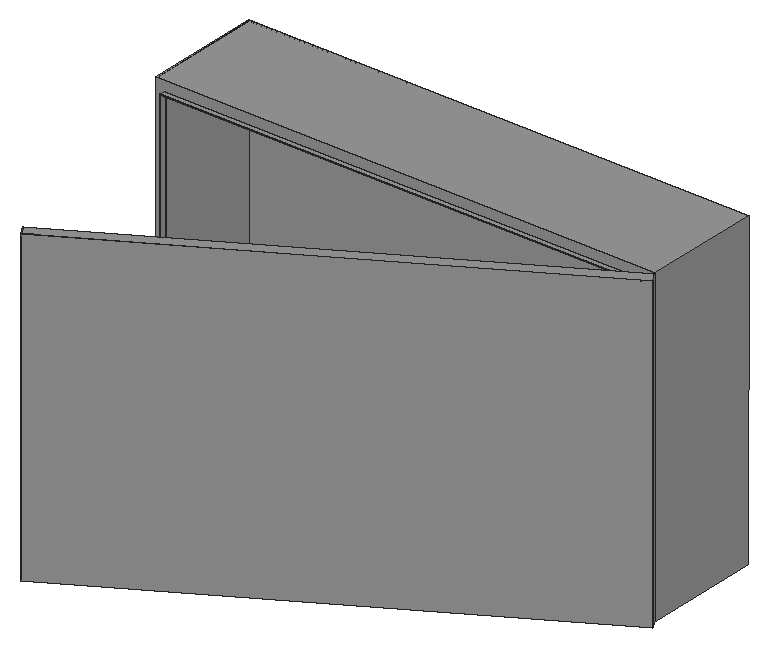
Revit family "Hager-Univers-IP44-D205-H500-Cl.II-Encl-NoHosted-PL-pl", category Electrical Equipment, Revit 2020
Family settings
  Panel Configuration = Two Columns, Circuits Across
  Round Connector Dimension = Use Diameter
  Part Type = Panelboard
  Work Plane-Based = Yes
  Always vertical = Yes
  Cut with Voids When Loaded = No
  Shared = No
  Room Calculation Point = No
Parameters (values of type "Montaż natynkowy IP44 S800 W500 G205  - FP33SN2")
  Width Control [instance] = if([EF000008 - Szerokość] > Min Width, [EF000008 - Szerokość], Min Width)  # 800 mm
  Type Comments = [HG000003 - Zakres]  # "Univers"
  Thickness Door [instance] = if([EF009171 - Drzwi/pokrywa z materiału o wysokiej wytrzymałości mechanicznej] > 3 mm, 3 mm, [EF009171 - Drzwi/pokrywa z materiału o wysokiej wytrzymałości mechanicznej])  # 1 mm
  Seal Frame Offset [instance] = 17 mm  # constant formula
  Plinth Visibility [instance] = [HG000027 - Wysokość cokołu] > 0 mm  # no
  Min Width [instance] = 100 mm  # constant formula
  Min Depth [instance] = (2 * [EF009170 - Obudowa z materiału o wysokiej wytrzymałości mechanicznej]) + 1 mm  # 3 mm
  Min Height [instance] = 100 mm  # constant formula
  Internal Frame Depth [instance] = (Door System Depth * 0.5)  # 9 mm
  Panel Name [instance] = ""  # (empty or 0)
  Model = ""
  HG000027 - Wysokość cokołu = 0 mm
  HG000026 - Stojąca = no
  HG000024 - Wysokość części dolnej = 600 mm
  HG000023 - Obudowa dwusekcyjna = no
  HG000016 - Widoczność drzwi w widoku 3D [instance] = yes
  HG000015 - Przestrzeń robocza - otwarcie drzwi [instance] = no
  HG000014 - Drzwi prawe [instance] = yes
  HG000013 - Drzwi lewe [instance] = not([HG000014 - Drzwi prawe])  # no
  HG000012 - Kąt otwarcia drzwi [instance] = 30.00°
  HG000010 - Drzwi asymetryczne = no
  HG000009 - Drzwi dwuskrzydłowe = no
  HG000006 - Montaż podtynkowy = no
  HG000004 - Referencja producenta = "FP33SN2"
  HG000003 - Zakres = "Univers"
  HG000002 - Z drzwiami lub pokrywą = yes
  Frame Offset Bottom [instance] = 10 mm  # constant formula
  Frame Offset [instance] = 15 mm  # constant formula
  EF015940 - Pokrywa z wyzwalaczem nadciśnieniowym = no
  EF011959 - Stopień ochrony (NEMA) = ""
  EF009554 - Liczba otworów pod flansze = 6
  EF009212 - Wykonanie pokrywy = "EV000116 - Zamknięty"
  EF009171 - Drzwi/pokrywa z materiału o wysokiej wytrzymałości mechanicznej = 1 mm
  EF009170 - Obudowa z materiału o wysokiej wytrzymałości mechanicznej = 1 mm
  EF008873 - Prąd znamionowy (In) = 250 A
  EF007800 - Do ochrony odgromowej = no
  EF006306 - Z zamkiem = no
  EF006244 - Transparentna pokrywa/drzwi = no
  EF005474 - Stopień ochrony (IP) = "EV006418 - IP44"
  EF004464 - Rodzaj drzwi = "EV002646 - Pojedynczy"
  EF004427 - Liczba modułów = 108
  EF004293 - Odporność udarowa = "EV006815 - IK09"
  EF003532 - Do zastosowań zewnętrznych = no
  EF002950 - Szerokość wyrażona liczbą modułów = 36
  EF001613 - Podtrzymanie funkcji = "EV000494 - Brak"
  EF001596 - Materiał obudowy = "EV000179 - Stal"
  EF001131 - Głębokość wewnętrzna = 143 mm
  EF001088 - Możliwość rozbudowy = yes
  EF000437 - Liczba wejść kablowych = 6
  EF000339 - Rodzaj pokrywy = "EV001012 - Pokrywa"
  EF000266 - Liczba rzędów = 3
  EF000218 - Głębokość wbudowania = 205 mm
  EF000118 - Z płytą montażową = no
  EF000116 - Numer RAL = "9010"
  EF000049 - Głębokość = 205 mm
  EF000040 - Wysokość = 500 mm
  EF000008 - Szerokość = 800 mm
  EF000007 - Kolor = "EV000202 - Biały"
  EF000003 - Sposób montażu = "EV000384 - Montaż natynkowy"
  Door System Leaf Tolerance [instance] = 1.5 mm  # constant formula
  Door System Depth [instance] = 18 mm  # constant formula
  Door Height [instance] = Height Control - [HG000027 - Wysokość cokołu]  # 500 mm
  Description = ""
  Default Elevation = 1219.2 mm
  Connector Offset [instance] = Height Control / 2  # 250 mm
  Manufacturer = "Hager"  # constant formula
  Height Control [instance] = if([EF000040 - Wysokość] > Min Height, [EF000040 - Wysokość], Min Height)  # 500 mm
  Depth Control [instance] = if([EF000049 - Głębokość] > Min Depth, [EF000049 - Głębokość], Min Depth)  # 205 mm
  Bottom Top Plate Trim [instance] = 1.5 mm  # constant formula
  Plinth height Ctrl [instance] = if([HG000027 - Wysokość cokołu] > 0 mm, [HG000027 - Wysokość cokołu], 12 mm)  # 12 mm
Types (5, lengths in mm): name | Width Control | HG000010 - Drzwi asymetryczne | HG000009 - Drzwi dwuskrzydłowe | HG000004 - Referencja producenta | EF009554 - Liczba otworów pod flansze | EF004464 - Rodzaj drzwi | EF004427 - Liczba modułów | EF002950 - Szerokość wyrażona liczbą modułów | EF000437 - Liczba wejść kablowych | EF000008 - Szerokość
  Montaż natynkowy IP44 S1050 W500 G205  - FP34SN2 | 1050 | no | yes | "FP34SN2" | 8 | "EV003602 - Podwójny" | 144 | 48 | 8 | 1050
  Montaż natynkowy IP44 S1300 W500 G205  - FP35SN2 | 1300 | yes | yes | "FP35SN2" | 10 | "EV003602 - Podwójny" | 180 | 60 | 10 | 1300
  Montaż natynkowy IP44 S300 W500 G205  - FP31SN2 | 300 | no | no | "FP31SN2" | 2 | "EV002646 - Pojedynczy" | 36 | 12 | 2 | 300
  Montaż natynkowy IP44 S550 W500 G205  - FP32SN2 | 550 | no | no | "FP32SN2" | 4 | "EV002646 - Pojedynczy" | 72 | 24 | 4 | 550
  Montaż natynkowy IP44 S800 W500 G205  - FP33SN2 | 800 | no | no | "FP33SN2" | 6 | "EV002646 - Pojedynczy" | 108 | 36 | 6 | 800
Reference planes
  plane 1 "Center (Front/Back)": y = 0
  plane 2: z = 0
  plane 3 "Center (Left/Right)": x = 0
  plane 4: y = 0
  plane 5: y = 0
  plane 6: z = 0
  plane 7: x = -400
  plane 8: x = 400
  plane 9: x = 399
  plane 10: x = -399
  plane 11: z = 0
  plane 12: z = 1
  plane 13: y = -205
  plane 14: y = -1
  plane 15: x = 0
  plane 16: y = -187
  plane 17: y = -204
  plane 18: y = -186
  plane 19: x = -384
  plane 20: x = 384
  plane 21: z = 11
  plane 22: x = -383
  plane 23: x = 383
  plane 24: z = 0
  plane 25: z = 500
  plane 26: z = 500
  plane 27: z = 484
  plane 28: z = 499
Forms (mm)
  Extrusion 1, solid, material "Hager_Steel_RAL7035_Light_Grey", detail levels medium+fine
    sketch origin (-208.679, -4572, 0) x (-1, 0, 0) y (0, -1, 0)
      loop
        line (191.321, -4385) -> (-608.679, -4385) -> (-608.679, -4572) -> (191.321, -4572) -> (191.321, -4385)
    from 0 to 500
  Extrusion 2, void
    sketch origin (-350.771, -205, 1219.2) x (1, 0, 0) y (0, 0, 1)
      loop
        line (-48.229, -720.2) -> (-48.229, -1218.2) -> (749.771, -1218.2) -> (749.771, -720.2) -> (-48.229, -720.2)
    from -19 to -204
  Extrusion 3, void
    sketch origin (-290.084, -187, 1219.2) x (1, 0, 0) y (0, 0, 1)
      loop
        line (-93.916, -1208.2) -> (674.084, -1208.2) -> (674.084, -735.2) -> (-93.916, -735.2) -> (-93.916, -1208.2)
    from 0 to -1
  Extrusion 4, solid, material "Hager_Steel_RAL7035_Light_Grey", visible <- "Plinth Visibility", detail levels medium+fine
    sketch origin (0, 0, 0) x (1, 0, 0) y (0, 1, 0)
      loop
        line (-400, 0) -> (-400, -187) -> (400, -187) -> (400, 0) -> (-400, 0)
    from 0 to 12 <- "Plinth height Ctrl"
  Extrusion 5, solid, material "Hager_Steel_RAL7035_Light_Grey", detail levels coarse
    sketch origin (0, 0, 0) x (1, 0, 0) y (0, 1, 0)
      loop
        line (-400, 0) -> (-400, -205) -> (400, -205) -> (400, 0) -> (-400, 0)
    from 0 to 500 <- "Height Control"
  Sweep 6, void
    path in 3D
      loop
        line (-400, -187, 12) -> (400, -187, 12) -> (400, 0, 12) -> (-400, 0, 12) -> (-400, -187, 12)
    profile origin (-400, -93.5, 12) x (1, 0, 0) y (0, 0, 1)
      loop
        line (0, 0) -> (0, -1.5) -> (1.5, -1.5)
        arc (1.5, -1.5) -> (1.061, -0.439) -> (0, 0) r 1.5
  Extrusion 7, solid, material "Hager_Steel_RAL7035_Light_Grey", detail levels fine
    sketch origin (-400, -187, 0) x (1, 0, 0) y (0, 0, 1)
      loop
        line (16, 11) -> (784, 11) -> (784, 484) -> (16, 484) -> (16, 11)
      loop
        line (15, 10) -> (785, 10) -> (785, 485) -> (15, 485) -> (15, 10)
    from 0 to 9 <- "Internal Frame Depth"
Cuts and joins
  Extrusion 2, Extrusion 3 cuts Extrusion 1
  Sweep 6 cuts Extrusion 4
Lines and regions (mm)
  Masking region 1
    outline origin (0, 0, 0) x (1, 0, 0) y (0, 1, 0)
      loop
        line (-400, 0) -> (-400, -205) -> (400, -205) -> (400, 0) -> (-400, 0)
  Masking region 2, detail levels coarse
    outline origin (-290.084, -187, 1219.2) x (-1, 0, 0) y (0, 0, 1)
      loop
        line (-690.084, -1219.2) -> (109.916, -1219.2) -> (109.916, -719.2) -> (-690.084, -719.2) -> (-690.084, -1219.2)
  Masking region 3, detail levels coarse
    outline origin (0, 0, 0) x (0, 1, 0) y (0, 0, 1)
      loop
        line (0, 0) -> (0, 500) -> (-205, 500) -> (-205, 0) -> (0, 0)
  Masking region 4, visible <- "Plinth Visibility", detail levels medium+fine
    outline origin (0, 0, 0) x (0, 1, 0) y (0, 0, 1)
      loop
        line (-1.5, 12) -> (-185.5, 12)
        arc (-185.5, 12) -> (-185.939, 10.939) -> (-187, 10.5) r 1.5
        line (-187, 10.5) -> (-187, 0) -> (0, 0) -> (0, 10.5)
        arc (0, 10.5) -> (-1.061, 10.939) -> (-1.5, 12) r 1.5
  Masking region 5, detail levels medium+fine
    outline origin (0, 0, 594.038) x (0, 1, 0) y (0, 0, 1)
      loop
        line (0, -594.038) -> (0, -94.038) -> (-187, -94.038) -> (-187, -594.038) -> (0, -594.038)
  Masking region 6, detail levels medium+fine
    outline origin (-359.7, -187, 1211.883) x (-1, 0, 0) y (0, 0, 1)
      loop
        line (-759.7, -1211.883) -> (40.3, -1211.883) -> (40.3, -711.883) -> (-759.7, -711.883) -> (-759.7, -1211.883)
  Masking region 7, visible <- "Plinth Visibility", detail levels medium+fine
    outline origin (-320.334, -187, 1041.368) x (-1, 0, 0) y (0, 0, 1)
      loop
        line (-720.334, -1041.368) -> (79.666, -1041.368) -> (79.666, -1030.868)
        arc (79.666, -1030.868) -> (78.606, -1030.429) -> (78.166, -1029.368) r 1.5
        line (78.166, -1029.368) -> (-718.834, -1029.368)
        arc (-718.834, -1029.368) -> (-719.273, -1030.429) -> (-720.334, -1030.868) r 1.5
        line (-720.334, -1030.868) -> (-720.334, -1041.368)
  sketch lines
    curve 1: line (-400, 0, 12) -> (-400, -187, 12)
    curve 2: line (-400, -187, 12) -> (400, -187, 12)
    curve 3: line (400, 0, 12) -> (-400, 0, 12)
    curve 4: line (400, -187, 12) -> (400, 0, 12)
Dimensions and locks
  locked: plane 1 "Center (Front/Back)" to plane 5
  "EF009170 - Obudowa z materiału o wysokiej wytrzymałości mechanicznej": plane 7 to plane 10
  "EF009170 - Obudowa z materiału o wysokiej wytrzymałości mechanicznej": plane 8 to plane 9
  equal spacing: plane 7, plane 3 "Center (Left/Right)", plane 8
  "Width Control": plane 7 to plane 8
  "Depth Control": plane 4 to plane 13
  "EF009170 - Obudowa z materiału o wysokiej wytrzymałości mechanicznej": plane 4 to plane 14
  "Height Control": plane 25 to level
  "HG000027 - Wysokość cokołu": plane 11 to level
  "EF009170 - Obudowa z materiału o wysokiej wytrzymałości mechanicznej": plane 12 to plane 11
  "EF009170 - Obudowa z materiału o wysokiej wytrzymałości mechanicznej": plane 17 to plane 13
  "EF009170 - Obudowa z materiału o wysokiej wytrzymałości mechanicznej": plane 18 to plane 16
  "Frame Offset Bottom": plane 21 to plane 12
  "Frame Offset": plane 10 to plane 19
  "Frame Offset": plane 9 to plane 20
  "Door System Depth": plane 16 to plane 13
  "Seal Frame Offset": plane 7 to plane 22
  "Seal Frame Offset": plane 8 to plane 23
  "EF009170 - Obudowa z materiału o wysokiej wytrzymałości mechanicznej": plane 26 to plane 28
  "Frame Offset": plane 28 to plane 27
  "Connector Offset": plane 2 to connector elem
  "Bottom Top Plate Trim": profile plane to Sweep 6 sketch curve
  "Bottom Top Plate Trim": Sweep 6 sketch curve to Sweep 6 sketch curve
  "Plinth height Ctrl": Masking region 4 sketch curve to level
  "Plinth height Ctrl": Masking region 7 sketch curve to level
  "Thickness Door": Extrusion 7 sketch curve to Extrusion 7 sketch curve  (x4)
  "Bottom Top Plate Trim": radius of Sweep 6 sketch curve
  "Bottom Top Plate Trim": radius of Masking region 4 sketch curve  (x2)
  "Bottom Top Plate Trim": radius of Masking region 7 sketch curve  (x2)
  aligned and locked: Extrusion 2 sketch curve to plane 12
  aligned and locked: Extrusion 2 sketch curve to plane 9
  aligned and locked: Extrusion 2 sketch curve to plane 10
  aligned and locked: Extrusion 2 to plane 14
  aligned and locked: Extrusion 1 sketch curve to plane 4
  aligned and locked: plane 8 to Extrusion 1 sketch curve
  aligned and locked: plane 7 to Extrusion 1 sketch curve
  aligned and locked: Extrusion 2 to plane 18
  aligned and locked: plane 19 to Extrusion 3 sketch curve
  aligned and locked: plane 20 to Extrusion 3 sketch curve
  aligned and locked: Extrusion 3 to Extrusion 2
  aligned and locked: Extrusion 3 sketch curve to plane 21
  aligned and locked: plane 3 "Center (Left/Right)" to nested 1
  aligned and locked: Extrusion 1 sketch curve to plane 16
  aligned and locked: Extrusion 4 sketch curve to cut or joined group of Extrusion 1, Extrusion 2, Extrusion 3
  aligned and locked: Masking region 1 sketch curve to plane 7
  aligned and locked: Masking region 1 sketch curve to plane 5
  aligned and locked: Masking region 1 sketch curve to plane 8
  aligned and locked: Masking region 2 sketch curve to level
  aligned and locked: level to Masking region 3 sketch curve
  aligned and locked: plane 1 "Center (Front/Back)" to Masking region 3 sketch curve
  aligned and locked: plane 13 to Masking region 3 sketch curve
  aligned and locked: plane 5 to Masking region 4 sketch curve
  aligned and locked: Masking region 2 sketch curve to plane 8
  aligned and locked: Masking region 2 sketch curve to plane 7
  aligned and locked: plane 7 to nested 2
  aligned and locked: nested 2 to plane 5
  aligned and locked: plane 5 to Masking region 5 sketch curve
  aligned and locked: plane 26 to Masking region 5 sketch curve
  aligned and locked: Extrusion 5 sketch curve to plane 8
  aligned and locked: Extrusion 5 sketch curve to plane 7
  aligned and locked: Extrusion 5 sketch curve to plane 5
  aligned and locked: Extrusion 3 sketch curve to plane 27
  aligned and locked: Extrusion 2 sketch curve to plane 28
  aligned and locked: Masking region 2 to plane 25
  aligned and locked: Extrusion 4 to plane 16
  aligned and locked: profile plane to Sweep 6 sketch curve
  aligned and locked: Masking region 5 sketch curve to plane 24
  aligned and locked: level to Masking region 4 sketch curve
  aligned and locked: Masking region 1 to plane 13
  aligned and locked: nested 1 to plane 16
  aligned and locked: Masking region 3 to plane 25
  aligned and locked: plane 16 to Masking region 4 sketch curve
  aligned and locked: Masking region 5 sketch curve to plane 16
  aligned and locked: plane 24 to plane 11
  aligned and locked: plane 26 to plane 25
  aligned and locked: plane 26 to cut or joined group of Extrusion 1, Extrusion 2, Extrusion 3
  aligned and locked: nested 1 to plane 24
  aligned and locked: Extrusion 1 to Extrusion 3
  aligned and locked: Masking region 6 sketch curve to plane 8
  aligned and locked: Masking region 6 sketch curve to plane 24
  aligned and locked: Masking region 6 sketch curve to plane 7
  aligned and locked: Masking region 6 sketch curve to plane 26
  aligned and locked: Masking region 7 sketch curve to plane 7
  aligned and locked: level to Masking region 7 sketch curve
  aligned and locked: Masking region 7 sketch curve to plane 8
  aligned and locked: Extrusion 7 sketch curve to cut or joined group of Extrusion 1, Extrusion 2, Extrusion 3  (x4)
Automatic sketch dimensions
  plane 19 to Extrusion 3 sketch curve = 0 mm
  Extrusion 3 sketch curve to plane 20 = 0 mm
  Extrusion 3 sketch curve to plane 21 = 0 mm
  Extrusion 4 sketch curve to plane 7 = 0 mm
  Extrusion 4 sketch curve to plane 8 = 0 mm
  Extrusion 4 sketch curve to plane 16 = 0 mm
  Masking region 1 sketch curve to plane 13 = 0 mm
  Masking region 2 sketch curve to plane 25 = 0 mm
  Masking region 3 sketch curve to plane 25 = 0 mm
  Extrusion 5 sketch curve to plane 13 = 0 mm
  profile plane to Sweep 6 sketch curve = 0 mm
Nested families
  nested 1: "EC000058_Univers_Door" at (0, -187, 0), Double <- "HG000009 - Drzwi dwuskrzydłowe", Transparent <- "EF006244 - Transparentna pokrywa/drzwi", Angle <- "HG000012 - Kąt otwarcia drzwi", Door_Right <- "HG000014 - Drzwi prawe", Assymetrical <- "HG000010 - Drzwi asymetryczne", Door <- "HG000002 - Z drzwiami lub pokrywą", Width_Ctrl <- "Width Control", 3d_Door <- "HG000016 - Widoczność drzwi w widoku 3D", Clearance <- "HG000015 - Przestrzeń robocza - otwarcie drzwi", Door_Left <- "HG000013 - Drzwi lewe", Width <- "Width Control", Door_Depth <- "Door System Depth", Leaf_Tolerance <- "Door System Leaf Tolerance", Height <- "Door Height", Lock_Visibility <- "EF006306 - Z zamkiem", Thickness <- "Thickness Door", type "EC000058_Univers_Door", detail levels medium+fine
    with min_wh 3 mm, Width_Ctrl 800 mm, Width 800 mm, Transparent no, Thickness 1 mm, Seal_Material Hager_Rubber, Lock_Visibility no, Lock_Material Hager_Plastic_RAL9005_Jet_Black, Leaf_Width 800 mm, Leaf_Tolerance_External_Sides 0 mm, Leaf_Tolerance 1.5 mm, Leaf_Offset 0 mm, Leaf_Height 497 mm, Leaf_2_Width 800 mm, Leaf_2_Offset 400 mm, Leaf_1_Width 800 mm, Leaf_1_Offset 400 mm, Height_Ctrl 500 mm, Height 500 mm, Glass_Material Hager_Glass, Double_Clearance_Ctrl no, Double no, Door_Right_Ctrl yes, Door_Right yes, Door_Material Hager_Steel_RAL7035_Light_Grey, Door_Left_Ctrl no, Door_Left no, Door_Depth 18 mm, Door yes, Clearance_Material Hager_Clearance, Clearance_Depth 800 mm, Clearance_Ctrl no, Clearance no, Assymetrical no, Angle 30.00°, 3d_Door yes
  nested 2: "Hager_Enclosure_Symbol" at (-400, 0, 0), Height <- "Depth Control", Width <- "Width Control", type "Hager_Enclosure_Symbol"
    with Width_Ctrl 800 mm, Width 800 mm, Height_Ctrl 205 mm, Height 205 mm, A_Width_Int 13.453 mm, A_Width 161.438 mm, A_Height_Ctrl 179.375 mm, A_Height 179.375 mm
Connectors
  electrical at (0, 0, 250)
    settings: on plane 1 "Center (Front/Back)", index 1, voltage 0 V, apparent load 0 VA, apparent load phase1 0 VA, apparent load phase2 0 VA, apparent load phase3 0 VA, power factor 1, load classification "Other", number of poles 1, system type 30, power factor state 1, is connector primary yes, connector utility no, sub classification motor no, connector description ""
Definition of nested family "EC000058_Univers_Door"
  Parameters (values of type "EC000058_Univers_Door")
    min_wh [instance] = (2 * Thickness) + 1 mm  # 11 mm
    Width_Ctrl [instance] = 400 mm
    Width [instance] = 500 mm
    Transparent [instance] = yes
    Thickness [instance] = 5 mm
    Seal_Material [instance] = none
    Lock_Visibility [instance] = yes
    Lock_Material [instance] = none
    Leaf_Width [instance] = if((Width_Ctrl - 2 * Leaf_Tolerance_External_Sides) > 0 mm, (Width_Ctrl - 2 * Leaf_Tolerance_External_Sides), min_wh)  # 400 mm
    Leaf_Tolerance_External_Sides [instance] = 0 mm  # constant formula
    Leaf_Tolerance [instance] = 1.5 mm
    Leaf_Offset [instance] = 0 mm  # constant formula
    Leaf_Height [instance] = if((Height_Ctrl - 2 * Leaf_Tolerance) > 0 mm, (Height_Ctrl - 2 * Leaf_Tolerance), min_wh)  # 497 mm
    Leaf_2_Width [instance] = if(and(and(Double, Assymetrical), Door_Left), (Leaf_Width / 3) - (Leaf_Tolerance / 2), if(and(and(Double, Assymetrical), Door_Right), (Leaf_Width / 3) * 2 - (Leaf_Tolerance / 2), if(and(Double, not(Assymetrical)), (Leaf_Width / 2) - Leaf_Tolerance, Leaf_Width)))  # 400 mm
    Leaf_2_Offset [instance] = if(and(Double, Assymetrical), Leaf_2_Width / 2, if(and(Double, not(Assymetrical)), Leaf_Width / 4, Leaf_Width / 2))  # 200 mm
    Leaf_1_Width [instance] = if(and(and(Double, Assymetrical), Door_Right), (Leaf_Width / 3) - (Leaf_Tolerance / 2), if(and(and(Double, Assymetrical), Door_Left), (Width / 3) * 2 - (Leaf_Tolerance / 2), if(and(Double, not(Assymetrical)), (Leaf_Width / 2) - Leaf_Tolerance, Leaf_Width)))  # 400 mm
    Leaf_1_Offset [instance] = if(and(Double, Assymetrical), Leaf_1_Width / 2, if(and(Double, not(Assymetrical)), Leaf_Width / 4, Leaf_Width / 2))  # 200 mm
    Height_Ctrl [instance] = if(Height > min_wh, Height, min_wh)  # 500 mm
    Height [instance] = 500 mm
    Glass_Material [instance] = none
    Double_Clearance_Ctrl [instance] = and(Double, Clearance)  # no
    Double [instance] = no
    Door_Right_Ctrl [instance] = and(or(Door_Right, Double), Door)  # yes
    Door_Right [instance] = yes
    Door_Material [instance] = none
    Door_Left_Ctrl [instance] = and(or(Door_Left, Double), Door)  # no
    Door_Left [instance] = no
    Door_Depth [instance] = 30 mm
    Door [instance] = yes
    Default Elevation = 1219.2 mm
    Clearance_Material [instance] = none
    Clearance_Depth [instance] = if(Leaf_1_Width > Leaf_2_Width, Leaf_1_Width, Leaf_2_Width)  # 400 mm
    Clearance_Ctrl [instance] = and(not(Double), Clearance)  # yes
    Clearance [instance] = yes
    Assymetrical [instance] = yes
    Angle [instance] = 30.00°
    3d_Door [instance] = yes
  Reference planes
    plane 1 "Center (Front/Back)": y = 0
    plane 2 "Bottom": z = 0
    plane 3 "Center (Left/Right)": x = 0
    plane 4: z = 500
    plane 5: x = -200
    plane 6: x = 200
    plane 7: z = 500
    plane 8: x = -200
    plane 9: z = 0
    plane 10: x = 200
    plane 11: y = 0
    plane 12: z = 1.5
    plane 13: x = -600
    plane 14: y = -400
    plane 15: x = 600
    plane 16: x = 0
    plane 17: x = 0
    plane 18: x = -200
    plane 19: x = 200
    plane 20: z = 498.5
  Forms (mm)
    Extrusion 1, solid, material <- "Clearance_Material", visible <- "Double_Clearance_Ctrl"
      sketch origin (1200, 0, 0) x (1, 0, 0) y (0, 0, -1)
        loop
          line (-1800, -498.5) -> (-600, -498.5) -> (-600, 0) -> (-1800, 0) -> (-1800, -498.5)
      from 0 to -400
  Dimensions and locks
    equal spacing: plane 5, plane 3 "Center (Left/Right)", plane 6
    "Width_Ctrl": plane 5 to plane 6
    "Leaf_Offset": plane 5 to plane 8
    "Leaf_Offset": plane 6 to plane 10
    "Leaf_Offset": plane 9 to level
    "Leaf_Offset": plane 4 to plane 7
    "Height_Ctrl": plane 4 to level
    "Leaf_Tolerance": plane 12 to plane 9
    locked: plane 11 to plane 1 "Center (Front/Back)"
    "Leaf_1_Offset": plane 18 to plane 16
    "Leaf_2_Offset": plane 17 to plane 19
    "Leaf_1_Width": plane 13 to plane 8
    "Leaf_2_Width": plane 10 to plane 15
    "Clearance_Depth": plane 14 to plane 1 "Center (Front/Back)"
    "Leaf_Tolerance_External_Sides": plane 8 to plane 18
    "Leaf_Tolerance_External_Sides": plane 19 to plane 10
    "Leaf_Tolerance": plane 7 to plane 20
    aligned and locked: level to plane 2 "Bottom"
    aligned and locked: nested 1 to plane 16
    aligned and locked: nested 2 to plane 17
    aligned and locked: Extrusion 1 to plane 13
    aligned and locked: plane 15 to Extrusion 1
    aligned and locked: Extrusion 1 to plane 14
    aligned and locked: plane 12 to nested 1
    aligned and locked: nested 2 to plane 12
    aligned and locked: Extrusion 1 to plane 11
    aligned and locked: plane 20 to Extrusion 1
    aligned and locked: nested 2 to plane 11
    aligned and locked: nested 1 to plane 11
  Automatic sketch dimensions
    Extrusion 1 sketch curve to level = 0 mm
    plane 5 to Extrusion 1 sketch curve = 400 mm
    plane 6 to Extrusion 1 sketch curve = 400 mm
    Extrusion 1 sketch curve to plane 4 = 1.5 mm
  Nested families
    nested 1: "EC000058_Univers_Door_Leaf" at (0, 0, 1.5), Width <- "Leaf_1_Width", visible <- "Door_Left_Ctrl", Leaf_Height <- "Leaf_Height", Angle <- "Angle", 3d_Door <- "3d_Door", Transparent <- "Transparent", Clearance Material <- "Clearance_Material", Clearance <- "Clearance_Ctrl", Door_Material <- "Door_Material", Glass_Material <- "Glass_Material", Door_Depth <- "Door_Depth", Lock_Material <- "Lock_Material", Seal_Material <- "Seal_Material", Lock_Visibility <- "Lock_Visibility", Thickness <- "Thickness", type "EC000058_Univers_Door_Leaf"
      with Width 400 mm, Transparent_Glass_Offset 30 mm, Transparent_Ctrl yes, Transparent yes, Thickness 5 mm, Standard no, Seal_Material none, Seal_D2 8 mm, Seal_D1 1 mm, Offset_Internal_Frame 10 mm, Lock_Width 20 mm, Lock_Visibility_3d yes, Lock_Visibility yes, Lock_Thickness_3 3 mm, Lock_Thickness_2 1 mm, Lock_Thickness_1 3 mm, Lock_Radius_Offset_2 16 mm, Lock_Radius_Offset_1 15 mm, Lock_Radius_2 5 mm, Lock_Radius 6 mm, Lock_Offset 5 mm, Lock_Material none, Lock_Height 80 mm, Lock_Cover_Top_Offset_2d 17 mm, Lock_Cover_Height -65 mm, Leaf_Height 497 mm, Internal_Seal_Thickness 8 mm, Internal_Seal_Depth_2 4.5 mm, Internal_Frame_Depth 25 mm, Glass_Thickness -1 mm, Glass_Offset -2 mm, Glass_Material none, Door_Material none, Door_Depth 30 mm, Clearance Material none, Clearance yes, Angle_Ctrl 30.00°, Angle 30.00°, 3d_Door yes
    nested 2: "EC000058_Univers_Door_Leaf" at (0, 0, 1.5) x (-1, 0, 0) z (0, 0, 1), Width <- "Leaf_2_Width", visible <- "Door_Right_Ctrl", Leaf_Height <- "Leaf_Height", Angle <- "Angle", 3d_Door <- "3d_Door", Transparent <- "Transparent", Clearance Material <- "Clearance_Material", Clearance <- "Clearance_Ctrl", Door_Material <- "Door_Material", Glass_Material <- "Glass_Material", Door_Depth <- "Door_Depth", Lock_Material <- "Lock_Material", Seal_Material <- "Seal_Material", Lock_Visibility <- "Lock_Visibility", Thickness <- "Thickness", type "EC000058_Univers_Door_Leaf"
      with Width 400 mm, Transparent_Glass_Offset 30 mm, Transparent_Ctrl yes, Transparent yes, Thickness 5 mm, Standard no, Seal_Material none, Seal_D2 8 mm, Seal_D1 1 mm, Offset_Internal_Frame 10 mm, Lock_Width 20 mm, Lock_Visibility_3d yes, Lock_Visibility yes, Lock_Thickness_3 3 mm, Lock_Thickness_2 1 mm, Lock_Thickness_1 3 mm, Lock_Radius_Offset_2 16 mm, Lock_Radius_Offset_1 15 mm, Lock_Radius_2 5 mm, Lock_Radius 6 mm, Lock_Offset 5 mm, Lock_Material none, Lock_Height 80 mm, Lock_Cover_Top_Offset_2d 17 mm, Lock_Cover_Height -65 mm, Leaf_Height 497 mm, Internal_Seal_Thickness 8 mm, Internal_Seal_Depth_2 4.5 mm, Internal_Frame_Depth 25 mm, Glass_Thickness -1 mm, Glass_Offset -2 mm, Glass_Material none, Door_Material none, Door_Depth 30 mm, Clearance Material none, Clearance yes, Angle_Ctrl 30.00°, Angle 30.00°, 3d_Door yes
  Definition of nested family "EC000058_Univers_Door_Leaf"
    Parameters (values of type "EC000058_Univers_Door_Leaf")
      Width [instance] = 2000 mm
      Transparent_Glass_Offset [instance] = 30 mm
      Transparent_Ctrl [instance] = and(Transparent, [3d_Door])  # yes
      Transparent [instance] = yes
      Thickness [instance] = 5 mm
      Standard [instance] = and(not(Transparent), [3d_Door])  # no
      Seal_Material [instance] = none
      Seal_D2 [instance] = 8 mm  # constant formula
      Seal_D1 [instance] = 1 mm  # constant formula
      Offset_Internal_Frame [instance] = 10 mm  # constant formula
      Lock_Width [instance] = 20 mm  # constant formula
      Lock_Visibility_3d [instance] = and(Lock_Visibility, [3d_Door])  # yes
      Lock_Visibility [instance] = yes
      Lock_Thickness_3 [instance] = 3 mm  # constant formula
      Lock_Thickness_2 [instance] = 1 mm  # constant formula
      Lock_Thickness_1 [instance] = 3 mm  # constant formula
      Lock_Radius_Offset_2 [instance] = Lock_Radius_Offset_1 + 1 mm  # 16 mm
      Lock_Radius_Offset_1 [instance] = 15 mm  # constant formula
      Lock_Radius_2 [instance] = Lock_Radius - 1 mm  # 5 mm
      Lock_Radius [instance] = 6 mm  # constant formula
      Lock_Offset [instance] = 5 mm  # constant formula
      Lock_Material [instance] = none
      Lock_Height [instance] = 80 mm  # constant formula
      Lock_Cover_Top_Offset_2d [instance] = Lock_Radius_Offset_2 + 1 mm  # 17 mm
      Lock_Cover_Height [instance] = -(Lock_Height - Lock_Radius_Offset_1)  # -65 mm
      Leaf_Height [instance] = 2720.336 mm
      Internal_Seal_Thickness [instance] = 8 mm  # constant formula
      Internal_Seal_Depth_2 [instance] = 4.5 mm  # constant formula
      Internal_Frame_Depth [instance] = if(Door_Depth - Thickness > 5 mm, Door_Depth - Thickness, 5 mm)  # 25 mm
      Glass_Thickness [instance] = if(Thickness > 15 mm, Glass_Offset + 10 mm, -1 mm)  # -1 mm
      Glass_Offset [instance] = if(Thickness > 15 mm, -(Thickness + 10 mm) / 2, -2 mm)  # -2 mm
      Glass_Material [instance] = none
      Door_Material [instance] = none
      Door_Depth [instance] = 30 mm
      Default Elevation = 0 mm
      Clearance Material [instance] = none
      Clearance [instance] = yes
      Angle_Ctrl [instance] = if(Angle > 180.00°, 180.00°, Angle)  # 90.00°
      Angle [instance] = 90.00°
      3d_Door [instance] = yes
    Reference planes
      plane 1 "Center (Front/Back)": y = 0
      plane 2: z = 0
      plane 3 "Center (Left/Right)": x = 0
      plane 4: y = 2000
      plane 5: x = -1000
      plane 6: x = 1000
      plane 7: x = -3000
      plane 8: z = 2720.336
      plane 9: z = 30
      plane 10: z = 2690.336
      plane 11: x = 970
      plane 12: x = -970
      plane 13: y = -3
      plane 14: z = 107.833
      plane 15: y = -5
      plane 16: y = -223.314
      plane 17: x = -1000
      plane 18: z = 1360.168
      plane 19: y = 30
    Forms (mm)
      Extrusion 1, solid, material <- "Clearance Material", visible <- "Clearance"
        sketch origin (0, 0, 0) x (1, 0, 0) y (0, 0, 1)
          loop
            line (-3000, 2720.336) -> (-3000, 0) -> (1000, 0) -> (1000, 2720.336) -> (-3000, 2720.336)
        from 0 to -2000
      Extrusion 2, solid, material <- "Door_Material", visible <- "Standard", detail levels medium+fine
        sketch origin (-1000, 0, 0) x (0, 1, 0) y (-1, 0, 0)
          loop
            line (0, 30) -> (0, 25) -> (2000, 25) -> (2000, 30) -> (0, 30)
        from 0 to 2720.336 <- "Leaf_Height"
      Extrusion 3, solid, material <- "Door_Material", visible <- "Transparent_Ctrl", detail levels medium+fine
        sketch origin (-1000, 0, 0) x (0, 1, 0) y (-1, 0, 0)
          loop
            line (0, 25) -> (2000, 25) -> (2000, 30) -> (0, 30) -> (0, 25)
        from 0 to 2720.336 <- "Leaf_Height"
      Extrusion 4, void
        sketch origin (-1025, 2000, 0) x (0, 1, 0) y (0, 0, -1)
          loop
            line (-30, -2690.336) -> (-30, -30) -> (-1970, -30) -> (-1970, -2690.336) -> (-30, -2690.336)
        from 0 to 5 <- "Thickness"
      Sweep 5, solid, material <- "Seal_Material", visible <- "Transparent_Ctrl", detail levels fine
        path in 3D
          loop
            line (-1025, 30, 30) -> (-1025, 30, 2690.336) -> (-1025, 1970, 2690.336) -> (-1025, 1970, 30) -> (-1025, 30, 30)
        profile origin (-1025, 1000, 30) x (1, 0, 0) y (0, 0, 1)
          loop
            line (0, 0) -> (0, -8) -> (1, -8) -> (1, 0) -> (0, 0)
      Extrusion 6, solid, material <- "Glass_Material", visible <- "Transparent_Ctrl", detail levels medium+fine
        sketch origin (-1030, 0, 0) x (0, 1, 0) y (0, 0, -1)
          loop
            line (1970, -2690.336) -> (1970, -30) -> (30, -30) -> (30, -2690.336) -> (1970, -2690.336)
        from -2 <- "Glass_Offset" to -1 <- "Glass_Thickness"
      Extrusion 7, solid, material <- "Door_Material", visible <- "3d_Door", detail levels medium+fine
        sketch origin (-1025, 2000, 0) x (0, -1, 0) y (0, 0, -1)
          loop
            line (0, -2720.336) -> (2000, -2720.336) -> (2000, 0) -> (0, 0) -> (0, -2720.336)
          loop
            line (1995, -5) -> (5, -5) -> (5, -2715.336) -> (1995, -2715.336) -> (1995, -5)
        from 0 to 25 <- "Internal_Frame_Depth"
      Sweep 8, solid, material <- "Seal_Material", visible <- "Transparent_Ctrl", detail levels fine
        path in 3D
          loop
            line (-1025, 0, 0) -> (-1025, 2000, 0) -> (-1025, 2000, 2720.336) -> (-1025, 0, 2720.336) -> (-1025, 0, 0)
        profile origin (-1025, 0, 1360.168) x (1, 0, 0) y (0, 1, 0)
          loop
            line (0, 10) -> (2.975, 10)
            arc (2.975, 10) -> (4.053, 10.447) -> (4.5, 11.525) r 1.525
            line (4.5, 11.525) -> (4.5, 16.527)
            arc (4.5, 16.527) -> (4.069, 17.569) -> (3.027, 18) r 1.473
            line (3.027, 18) -> (0, 18) -> (0, 10)
      Extrusion 9, solid, material <- "Lock_Material", visible <- "Lock_Visibility_3d", detail levels fine
        sketch origin (-1030, 0, 0) x (0, 1, 0) y (0, 0, -1)
          loop
            arc (1993.5, -1400.168) -> (1994.561, -1399.729) -> (1995, -1398.668) r 1.5
            line (1995, -1398.668) -> (1995, -1320.168) -> (1975, -1320.168) -> (1975, -1398.668)
            arc (1975, -1398.668) -> (1975.439, -1399.729) -> (1976.5, -1400.168) r 1.5
            line (1976.5, -1400.168) -> (1993.5, -1400.168)
        from 3 <- "Lock_Thickness_1" to 0
      Blend 10, solid, material <- "Lock_Material", visible <- "Lock_Visibility_3d", detail levels fine
        base sketch origin (-1033, 0, 0) x (0, 1, 0) y (0, 0, -1)
          loop
            line (1975, -1320.168) -> (1975, -1398.668)
            arc (1975, -1398.668) -> (1975.439, -1399.729) -> (1976.5, -1400.168) r 1.5
            line (1976.5, -1400.168) -> (1993.5, -1400.168)
            arc (1993.5, -1400.168) -> (1994.561, -1399.729) -> (1995, -1398.668) r 1.5
            line (1995, -1398.668) -> (1995, -1320.168) -> (1975, -1320.168)
        top sketch origin (-1033, 0, 0) x (0, 1, 0) y (0, 0, -1)
          loop
            line (1976, -1320.168) -> (1976, -1398.668)
            arc (1976, -1398.668) -> (1976.146, -1399.022) -> (1976.5, -1399.168) r 0.5
            line (1976.5, -1399.168) -> (1993.5, -1399.168)
            arc (1993.5, -1399.168) -> (1993.854, -1399.022) -> (1994, -1398.668) r 0.5
            line (1994, -1398.668) -> (1994, -1320.168) -> (1976, -1320.168)
        from 0 to 1 <- "Lock_Thickness_2"
      Blend 11, solid, material <- "Lock_Material", visible <- "Lock_Visibility_3d", detail levels fine
        base sketch origin (-1034, 0, 0) x (0, 1, 0) y (0, 0, -1)
          loop
            line (1978, -1320.168) -> (1978, -1384.168)
            arc (1978, -1384.168) -> (1985, -1391.168) -> (1992, -1384.168) r 7
            line (1992, -1384.168) -> (1992, -1320.168) -> (1978, -1320.168)
        top sketch origin (-1034, 0, 0) x (0, 1, 0) y (0, 0, -1)
          loop
            line (1991, -1320.168) -> (1979, -1320.168) -> (1979, -1383.168)
            arc (1979, -1383.168) -> (1985, -1389.168) -> (1991, -1383.168) r 6
            line (1991, -1383.168) -> (1991, -1320.168)
        from 0 to 3 <- "Lock_Thickness_3"
      Extrusion 12, solid, material <- "Lock_Material", visible <- "Lock_Visibility_3d", detail levels fine
        sketch origin (-1030, 1975, 1320.168) x (1, 0, 0) y (0, -1, 0)
          loop
            line (-7, -19) -> (-7, -1) -> (0, -1) -> (0, 0) -> (-8, 0) -> (-8, -20) -> (0, -20) -> (0, -19) -> (-7, -19)
        from 0 to -65 <- "Lock_Cover_Height"
      Extrusion 13, void
        sketch origin (-1038, 1995, 1320.168) x (-1, 0, 0) y (0, 0, -1)
          loop
            line (-5, -65) -> (0, -65) -> (-5, -60) -> (-5, -65)
        from 0 to 20 <- "Lock_Width"
      Extrusion 14, void
        sketch origin (-1038, 1975, 1320.168) x (0, -1, 0) y (0, 0, -1)
          loop
            circle (-10, -15.995) r 6
          loop
            circle (-10, -15.995) r 5
        from 0 to 2
      Extrusion 15, solid, material <- "Lock_Material", visible <- "Lock_Visibility_3d", detail levels medium
        sketch origin (-1030, 0, 0) x (0, 1, 0) y (0, 0, -1)
          loop
            arc (1993.5, -1400.168) -> (1994.561, -1399.729) -> (1995, -1398.668) r 1.5
            line (1995, -1398.668) -> (1995, -1320.168) -> (1975, -1320.168) -> (1975, -1398.668)
            arc (1975, -1398.668) -> (1975.439, -1399.729) -> (1976.5, -1400.168) r 1.5
            line (1976.5, -1400.168) -> (1993.5, -1400.168)
        from 8 to 0
    Cuts and joins
      Extrusion 4 cuts Extrusion 3
      Extrusion 13, Extrusion 14 cuts Extrusion 9
      Extrusion 14 cuts Blend 11
      Extrusion 13, Extrusion 14 cuts Extrusion 12
      joined: Extrusion 9, Blend 10, Blend 11, Extrusion 12
      Extrusion 14 cuts Extrusion 15
    Lines and regions (mm)
      Masking region 1, visible <- "Lock_Visibility", detail levels fine
        outline origin (0, 0, 0) x (0, 1, 0) y (0, 0, 1)
          loop
            line (30, 1320.168) -> (33, 1320.168) -> (33, 1400.168) -> (30, 1400.168) -> (30, 1320.168)
      Masking region 2, visible <- "Lock_Visibility", detail levels fine
        outline origin (0, 3.143, 0) x (0, 1, 0) y (0, 0, 1)
          loop
            line (29.857, 1354.168) -> (30.857, 1354.168) -> (30.857, 1366.168) -> (29.857, 1366.168) -> (29.857, 1354.168)
      Masking region 3, detail levels medium+fine
        outline origin (0, 0, 0) x (0, 1, 0) y (0, 0, 1)
          loop
            line (0, 0) -> (30, 0) -> (30, 2720.336) -> (0, 2720.336) -> (0, 0)
      Masking region 4, detail levels medium+fine
        outline origin (0, 0, 0) x (1, 0, 0) y (0, 0, 1)
          loop
            line (-1000, 2720.336) -> (-1000, 0) -> (1000, 0) -> (1000, 2720.336) -> (-1000, 2720.336)
      Masking region 5, visible <- "Lock_Visibility", detail levels fine
        outline origin (-47.116, 0, 0) x (1, 0, 0) y (0, 0, 1)
          loop
            arc (1024.616, 1399.168) -> (1023.556, 1398.729) -> (1023.116, 1397.668) r 1.5
            line (1023.116, 1397.668) -> (1023.116, 1320.168) -> (1041.116, 1320.168) -> (1041.116, 1397.668)
            arc (1041.116, 1397.668) -> (1040.677, 1398.729) -> (1039.616, 1399.168) r 1.5
            line (1039.616, 1399.168) -> (1024.616, 1399.168)
      Masking region 6, visible <- "Lock_Visibility", detail levels medium+fine
        outline origin (-25, 0, 0) x (1, 0, 0) y (0, 0, 1)
          loop
            arc (1001.5, 1400.168) -> (1000.439, 1399.729) -> (1000, 1398.668) r 1.5
            line (1000, 1398.668) -> (1000, 1320.168) -> (1020, 1320.168) -> (1020, 1398.668)
            arc (1020, 1398.668) -> (1019.561, 1399.729) -> (1018.5, 1400.168) r 1.5
            line (1018.5, 1400.168) -> (1001.5, 1400.168)
      Masking region 7, visible <- "Lock_Visibility", detail levels fine
        outline origin (-73.735, 0, 0) x (1, 0, 0) y (0, 0, 1)
          loop
            line (1051.735, 1382.168) -> (1065.735, 1382.168) -> (1065.735, 1384.168)
            arc (1065.735, 1384.168) -> (1058.735, 1391.168) -> (1051.735, 1384.168) r 7
            line (1051.735, 1384.168) -> (1051.735, 1382.168)
      Masking region 8, visible <- "Lock_Visibility", detail levels fine
        outline origin (-73.735, 0, 0) x (1, 0, 0) y (0, 0, 1)
          loop
            line (1052.735, 1382.168) -> (1064.735, 1382.168) -> (1064.735, 1383.168)
            arc (1064.735, 1383.168) -> (1058.735, 1389.168) -> (1052.735, 1383.168) r 6
            line (1052.735, 1383.168) -> (1052.735, 1382.168)
      Masking region 9, visible <- "Lock_Visibility", detail levels fine
        outline origin (-25, 0, 0) x (1, 0, 0) y (0, 0, 1)
          loop
            line (1020, 1320.168) -> (1020, 1382.168) -> (1000, 1382.168) -> (1000, 1320.168) -> (1020, 1320.168)
      Masking region 10, detail levels medium+fine
        outline origin (0, 0, 0) x (1, 0, 0) y (0, 0, 1)
          loop
            circle (985, 1335.144) r 6
      Masking region 11, detail levels fine
        outline origin (0, 0, 0) x (1, 0, 0) y (0, 0, 1)
          loop
            circle (985, 1335.144) r 5
      Masking region 12, visible <- "Lock_Visibility", detail levels fine
        outline origin (0, 12.767, 0) x (0, 1, 0) y (0, 0, 1)
          loop
            line (20.233, 1320.168) -> (21.233, 1320.168) -> (21.233, 1399.168) -> (20.233, 1400.168) -> (20.233, 1320.168)
      Masking region 13, visible <- "Lock_Visibility", detail levels fine
        outline origin (0, 13.767, -10) x (0, 1, 0) y (0, 0, 1)
          loop
            line (20.233, 1330.168) -> (23.233, 1330.168) -> (23.233, 1399.168) -> (20.233, 1402.168) -> (20.233, 1330.168)
      Masking region 14, visible <- "Lock_Visibility", detail levels fine
        outline origin (0, 12.767, -10) x (0, 1, 0) y (0, 0, 1)
          loop
            line (20.233, 1330.168) -> (25.233, 1330.168) -> (25.233, 1399.305) -> (20.233, 1394.305) -> (20.233, 1330.168)
      Masking region 15, visible <- "Lock_Visibility", detail levels medium
        outline origin (0, 0, 0) x (0, 1, 0) y (0, 0, 1)
          loop
            line (30, 1320.168) -> (38, 1320.168) -> (38, 1400.168) -> (30, 1400.168) -> (30, 1320.168)
      Masking region 16, visible <- "Lock_Visibility", detail levels fine
        outline origin (-1000, 0, 0) x (0, 1, 0) y (-1, 0, 0)
          loop
            line (1975, 30) -> (1995, 30) -> (1995, 38) -> (1975, 38) -> (1975, 30)
          loop
            line (1979, 37) -> (1976, 37) -> (1976, 34) -> (1978, 34) -> (1979, 37)
          loop
            line (1994, 37) -> (1991, 37) -> (1992, 34) -> (1994, 34) -> (1994, 37)
      Masking region 17, visible <- "Lock_Visibility", detail levels medium
        outline origin (-1000, 0, 0) x (0, 1, 0) y (-1, 0, 0)
          loop
            line (1975, 30) -> (1995, 30) -> (1995, 38) -> (1975, 38) -> (1975, 30)
      symbolic lines
        curve 1: line (1000, 0, 0) -> (-3000, 0, 0)
        curve 2: arc (1000, 0, 0) -> (-1000, 2000, 0) -> (-3000, 0, 0) r 2000
        curve 4: line (-1030, 0, 0) -> (-1030, 2000, 0)
      reference lines
        curve 3: line (-1000, 0, 0) -> (-1000, 2000, 0)
      symbolic lines, detail levels medium+fine
        curve 5: line (-1030, 2000, 0) -> (-1025, 2000, 0)
        curve 7: line (-1025, 0, 0) -> (-1030, 0, 0)
        curve 8: line (-1025, 0, 0) -> (-1000, 0, 0)
        curve 9: line (-1000, 0, 0) -> (-1000, 2000, 0)
        curve 10: line (-1000, 2000, 0) -> (-1025, 2000, 0)
      symbolic lines, detail levels fine
        curve 6: line (-1025, 2000, 0) -> (-1025, 0, 0)
      sketch lines
        curve 11: line (-1025, 0, 2720.336) -> (-1025, 0, 0)
        curve 12: line (-1025, 2000, 0) -> (-1025, 0, 0)
        curve 13: line (-1025, 2000, 2720.336) -> (-1025, 2000, 0)
        curve 14: line (-1025, 0, 2720.336) -> (-1025, 2000, 2720.336)
        curve 15: line (-1025, 1970, 30) -> (-1025, 30, 30)
        curve 16: line (-1025, 30, 30) -> (-1025, 30, 2690.336)
        curve 17: line (-1025, 1970, 2690.336) -> (-1025, 1970, 30)
        curve 18: line (-1025, 30, 2690.336) -> (-1025, 1970, 2690.336)
      symbolic lines, visible <- "Transparent", detail levels medium+fine
        curve 19: line (-970, 0, 2690.336) -> (970, 0, 2690.336)
        curve 20: line (-970, 0, 30) -> (-970, 0, 2690.336)
        curve 21: line (970, 0, 30) -> (-970, 0, 30)
        curve 22: line (970, 0, 2690.336) -> (970, 0, 30)
    Dimensions and locks
      "Width": plane 1 "Center (Front/Back)" to plane 4
      equal spacing: plane 5, plane 3 "Center (Left/Right)", plane 6
      "Width": plane 5 to plane 6
      "Width": plane 7 to plane 5
      "Leaf_Height": plane 8 to level
      "Width": curve 5 to curve 3
      "Width": curve 3 to curve 3
      plane 8 to plane 10 = 30 mm
      plane 9 to level = 30 mm
      plane 12 to plane 5 = 30 mm
      plane 6 to plane 11 = 30 mm
      Extrusion 1 to Extrusion 4 sketch curve = 30 mm
      "Transparent_Glass_Offset": curve 3 to Extrusion 4 sketch curve
      "Transparent_Glass_Offset": Extrusion 4 sketch curve to cut or joined group of Extrusion 3, Extrusion 4  (x2)
      cut or joined group of Extrusion 3, Extrusion 4 to Extrusion 6 sketch curve = 30 mm
      "Transparent_Glass_Offset": cut or joined group of Extrusion 3, Extrusion 4 to Extrusion 4 sketch curve
      "Thickness": curve 6 to curve 4
      "Thickness": Extrusion 7 sketch curve to Extrusion 7 sketch curve  (x4)
      "Door_Depth": curve 4 to curve 3
      "Offset_Internal_Frame": profile plane to Sweep 8 sketch curve
      "Internal_Seal_Thickness": Sweep 8 sketch curve to Sweep 8 sketch curve
      "Internal_Seal_Depth_2": profile plane to Sweep 8 sketch curve
      "Seal_D1": profile plane to Sweep 5 sketch curve
      "Seal_D2": profile plane to Sweep 5 sketch curve
      "Thickness": Extrusion 2 sketch curve to Extrusion 2 sketch curve
      equal spacing: Extrusion 9 sketch curve, plane 18, Extrusion 9 sketch curve  (x2)
      equal spacing: Masking region 1 sketch curve, plane 18, Masking region 1 sketch curve
      "Lock_Height": Masking region 1 sketch curve to Masking region 1 sketch curve
      "Lock_Radius": Masking region 2 sketch curve to plane 18 to Masking region 2 sketch curve
      Masking region 2 sketch curve to Masking region 1 = 1 mm
      "Door_Depth": plane 19 to plane 1 "Center (Front/Back)"
      "Lock_Thickness_1": Masking region 1 sketch curve to plane 19
      "Lock_Width": Extrusion 9 sketch curve to Extrusion 9 sketch curve
      "Lock_Height": Extrusion 9 sketch curve to Extrusion 9 sketch curve
      "Lock_Offset": cut or joined group of Extrusion 3, Extrusion 4 to Extrusion 9 sketch curve
      equal spacing: plane 8, plane 18, level
      "Lock_Radius_Offset_1": Blend 11 sketch curve to Blend 10
      locked: Blend 10 to Blend 11 sketch curve at 2  (x2)
      locked: var sketch to Blend 11 sketch curve at 1  (x2)
      "Lock_Radius_Offset_2": Blend 11 sketch curve to Blend 10
      locked: Extrusion 12 sketch curve to Extrusion 12 sketch curve at 1  (x3)
      Masking region 6 sketch curve to Masking region 6 sketch curve = 80 mm
      "Lock_Height": Masking region 6 sketch curve to Masking region 6 sketch curve
      "Lock_Width": Masking region 6 sketch curve to Masking region 6 sketch curve
      locked: Masking region 6 to Masking region 5 sketch curve at 1  (x3)
      locked: Masking region 5 to Masking region 7 sketch curve at 2  (x2)
      "Lock_Radius_Offset_1": Masking region 5 to Masking region 7 sketch curve
      "Lock_Radius_Offset_2": Masking region 5 to Masking region 8 sketch curve
      locked: Masking region 7 to Masking region 8 sketch curve at 1  (x2)
      "Lock_Cover_Top_Offset_2d": Masking region 5 to Masking region 9 sketch curve
      equal spacing: Masking region 9, Masking region 10 sketch curve, Masking region 9
      equal spacing: Masking region 9, Masking region 11 sketch curve, Masking region 9
      Extrusion 15 sketch curve to Extrusion 15 sketch curve = 80 mm
      "Lock_Width": Extrusion 15 sketch curve to Extrusion 15 sketch curve
      "Lock_Height": Extrusion 15 sketch curve to Extrusion 15 sketch curve
      equal spacing: Extrusion 15 sketch curve, plane 18, Extrusion 15 sketch curve
      "Lock_Thickness_3": Masking region 13 sketch curve to Masking region 13 sketch curve
      "Lock_Height": Masking region 12 sketch curve to Masking region 12 sketch curve
      locked: Masking region 13 sketch curve to Masking region 1 at 8
      locked: Masking region 14 sketch curve to Masking region 13 at 1
      locked: Masking region 14 sketch curve to Masking region 1 at 10.863
      "Lock_Height": Masking region 15 sketch curve to Masking region 15 sketch curve
      "Lock_Offset": Extrusion 15 sketch curve to cut or joined group of Extrusion 3, Extrusion 4
      "Lock_Offset": plane 6 to Masking region 6 sketch curve
      radius of Sweep 8 sketch curve = 1.525 mm
      radius of Sweep 8 sketch curve = 1.473 mm
      radius of Extrusion 9 sketch curve = 1.5 mm  (x2)
      "Lock_Radius": radius of Extrusion 14 sketch curve
      "Lock_Radius_2": radius of Extrusion 14 sketch curve
      "Lock_Radius": radius of Masking region 10 sketch curve
      "Lock_Radius_2": radius of Masking region 11 sketch curve
      radius of Extrusion 15 sketch curve = 1.5 mm  (x2)
      "Angle_Ctrl": angle plane 1 "Center (Front/Back)" to curve 3
      locked: Masking region 12 sketch curve to Masking region 12 sketch curve (angle 45.00°)
      locked: Masking region 13 sketch curve to Masking region 13 sketch curve (angle 45.00°)
      locked: Masking region 14 sketch curve to Masking region 14 sketch curve (angle 45.00°)
      aligned and locked: level to plane 2
      aligned and locked: Extrusion 1 to curve 1
      aligned and locked: plane 6 to Extrusion 1
      aligned and locked: Extrusion 1 to plane 1 "Center (Front/Back)"
      aligned and locked: plane 4 to Extrusion 1
      aligned and locked: plane 8 to Extrusion 1
      aligned and locked: curve 7 to Extrusion 2 sketch curve
      aligned and locked: curve 5 to Extrusion 2 sketch curve
      aligned and locked: curve 7 to Extrusion 3 sketch curve
      aligned and locked: Extrusion 3 sketch curve to curve 4
      aligned and locked: Extrusion 3 sketch curve to curve 6
      aligned and locked: Extrusion 3 sketch curve to curve 5
      aligned and locked: curve 9 to curve 3
      aligned and locked: Extrusion 7 sketch curve to cut or joined group of Extrusion 3, Extrusion 4  (x4)
      aligned and locked: plane 17 to curve 3
      aligned and locked: plane 1 "Center (Front/Back)" to curve 3
      aligned and locked: plane 17 to plane 5
      aligned and locked: Sweep 8 sketch curve to profile plane
      aligned and locked: Sweep 5 sketch curve to profile plane  (x2)
      aligned and locked: Masking region 1 to Masking region 2 sketch curve
      aligned and locked: plane 19 to Masking region 1 sketch curve
      aligned and locked: plane 1 "Center (Front/Back)" to Masking region 3 sketch curve
      aligned and locked: plane 19 to Masking region 3 sketch curve
      aligned and locked: level to Masking region 3 sketch curve
      aligned and locked: Masking region 3 sketch curve to plane 8
      aligned and locked: plane 17 to Masking region 4 sketch curve
      aligned and locked: level to Masking region 4 sketch curve
      aligned and locked: Masking region 4 sketch curve to plane 8
      aligned and locked: plane 12 to curve 20
      aligned and locked: plane 10 to curve 19
      aligned and locked: plane 11 to curve 22
      aligned and locked: curve 21 to plane 9
      aligned and locked: Extrusion 2 sketch curve to cut or joined group of Extrusion 3, Extrusion 4
      aligned and locked: Blend 10 sketch curve to Extrusion 9  (x4)
      aligned and locked: Extrusion 9 to Blend 10 sketch curve
      aligned and locked: Blend 10 to Blend 11 sketch curve
      aligned and locked: Extrusion 12 sketch curve to Blend 11
      aligned and locked: Extrusion 12 sketch curve to Extrusion 9  (x4)
      aligned and locked: Masking region 5 sketch curve to Masking region 6
      aligned and locked: Masking region 9 sketch curve to Masking region 6  (x3)
      aligned and locked: Masking region 12 sketch curve to Masking region 1
      aligned and locked: Masking region 13 sketch curve to Masking region 1
      aligned and locked: Masking region 12 to Masking region 14
      aligned and locked: Masking region 14 sketch curve to Masking region 1
      aligned and locked: Masking region 15 sketch curve to Masking region 14
      aligned and locked: Masking region 13 sketch curve to Masking region 12
      aligned and locked: Masking region 16 sketch curve to cut or joined group of Extrusion 14, Extrusion 15  (x4)
      aligned and locked: Masking region 16 sketch curve to cut or joined group of Extrusion 9, Blend 10, Blend 11, Extrusion 12, Extrusion 13, Extrusion 14  (x6)
      aligned and locked: cut or joined group of Extrusion 9, Blend 10, Blend 11, Extrusion 12, Extrusion 13, Extrusion 14 to Masking region 16 sketch curve
      aligned and locked: Masking region 17 sketch curve to cut or joined group of Extrusion 14, Extrusion 15  (x3)
      aligned and locked: Masking region 17 sketch curve to cut or joined group of Extrusion 9, Blend 10, Blend 11, Extrusion 12, Extrusion 13, Extrusion 14
      aligned and locked: Masking region 9 to Masking region 8 sketch curve
      aligned and locked: Masking region 9 to Masking region 7 sketch curve
    Automatic sketch dimensions
      plane 1 "Center (Front/Back)" to curve 2 = 0 mm
      curve 2 to plane 5 = 0 mm
      Extrusion 1 sketch curve to level = 0 mm
      Extrusion 1 sketch curve to plane 7 = 0 mm
      Extrusion 1 sketch curve to plane 6 = 0 mm
      Extrusion 1 sketch curve to plane 8 = 0 mm
      Extrusion 3 to Extrusion 6 sketch curve = 30 mm  (x4)
      Masking region 4 sketch curve to plane 6 = 0 mm
      Blend 10 sketch curve to Extrusion 9 = 1.5 mm
      Blend 10 sketch curve to Extrusion 9 = 1 mm
      Extrusion 13 sketch curve to Extrusion 12 = 0 mm  (x2)
      Extrusion 12 to Extrusion 13 sketch curve = 3 mm
      Extrusion 13 sketch curve to Extrusion 12 = 5 mm
      Extrusion 14 sketch curve to Extrusion 14 sketch curve = 0 mm  (x2)
      Extrusion 14 sketch curve to Extrusion 12 = 10 mm
      Extrusion 14 sketch curve to Extrusion 12 = 15.995 mm
      Masking region 5 sketch curve to Masking region 5 sketch curve = 1.5 mm  (x2)
      Masking region 10 sketch curve to plane 18 = 25.024 mm
      Masking region 11 sketch curve to plane 18 = 25.024 mm
      plane 19 to Masking region 14 sketch curve = 3 mm
      Masking region 16 sketch curve to Masking region 16 sketch curve = 3 mm
      curve 4 to curve 3 = 0 mm
      Blend 10 to Blend 11 sketch curve = 0 mm
      Masking region 6 sketch curve to Masking region 6 sketch curve = 1.5 mm  (x2)
      Masking region 6 sketch curve to plane 18 = 40 mm
      plane 19 to Masking region 12 sketch curve = 3 mm
      Masking region 12 sketch curve to Masking region 12 sketch curve = 1 mm
      Masking region 15 sketch curve to plane 19 = 0 mm
      Masking region 15 sketch curve to plane 18 = 40 mm
      radius of Blend 10 sketch curve to Extrusion 9 = 1 mm
Definition of nested family "Hager_Enclosure_Symbol"
  Parameters (values of type "Hager_Enclosure_Symbol")
    Width_Ctrl [instance] = if(Width > 1 mm, Width, 1 mm)  # 102.27 mm
    Width [instance] = 102.27 mm
    Height_Ctrl [instance] = if(Height > 1 mm, Height, 1 mm)  # 66.5 mm
    A_Width_Int [instance] = if(A_Width / 12 > 2 mm, A_Width / 12, 2 mm)  # 4.364 mm
    A_Width [instance] = if(A_Height_Ctrl * 0.9 > 2 mm, A_Height_Ctrl * 0.9, 2 mm)  # 52.369 mm
    A_Height_Ctrl [instance] = if(A_Height > 2 mm, A_Height, 2 mm)  # 58.188 mm
    Height [instance] = 66.5 mm
    A_Height [instance] = Height - (Height / 8)  # 58.188 mm
  Reference planes
    plane 1 "Centre (avant/arrière)": y = 0
    plane 2: z = 0
    plane 3 "Centre (gauche/droite)": x = 0
    plane 4: x = 52.369
    plane 5: y = 33.042
    plane 6: y = 41.77
    plane 7: y = 66.5
    plane 8: x = 26.184
    plane 9: y = 37.406
    plane 10: x = 102.27
    plane 11: y = 66.5
    plane 12: y = 8.313
  Lines and regions (mm)
    Filled region 1, type "Solid_Black", in view "Niveau de réf."
      outline origin (0, 0, 0) x (1, 0, 0) y (0, 1, 0)
        loop
          line (52.369, 66.5) -> (33.188, 54.536) -> (45.365, 45.006) -> (52.369, 66.5)
    Filled region 2, type "Solid_Black", in view "Niveau de réf."
      outline origin (0, 0, 0) x (1, 0, 0) y (0, 1, 0)
        loop
          line (0, 0) -> (102.27, 0) -> (102.27, 66.5) -> (0, 0)
    detail lines, in view "Niveau de réf."
      curve 1: line (0, 8.313, 0) -> (26.184, 41.77, 0)
      curve 2: line (26.184, 41.77, 0) -> (26.184, 33.042, 0)
      curve 3: line (26.184, 33.042, 0) -> (52.369, 66.5, 0)
  Dimensions and locks
    "A_Width": plane 3 "Centre (gauche/droite)" to plane 4
    equal spacing: plane 3 "Centre (gauche/droite)", plane 8, plane 4
    equal spacing: plane 6, plane 9, plane 5
    equal spacing: curve 3, Filled region 1 sketch curve, Filled region 1 sketch curve
    "Height_Ctrl": plane 1 "Centre (avant/arrière)" to plane 11
    "A_Height_Ctrl": plane 11 to plane 12
    equal spacing: plane 11, plane 9, plane 12
    "A_Width_Int": plane 6 to plane 9
    "Width_Ctrl": plane 3 "Centre (gauche/droite)" to plane 10
    angle Filled region 1 sketch curve to curve 3 = 20.00°
    angle curve 3 to Filled region 1 sketch curve = 20.00°
    locked: curve 3 to Filled region 1 sketch curve (angle 90.00°)
    aligned and locked: plane 10 to Filled region 2
    aligned and locked: plane 11 to Filled region 2 sketch curve
    aligned and locked: plane 10 to Filled region 2 sketch curve
    aligned and locked: plane 3 "Centre (gauche/droite)" to curve 1
    aligned and locked: plane 12 to curve 1
    aligned and locked: plane 7 to plane 11
  Automatic sketch dimensions
    Filled region 1 sketch curve to plane 4 = 0 mm
    Filled region 1 sketch curve to plane 7 = 0 mm
    plane 1 "Centre (avant/arrière)" to Filled region 2 sketch curve = 0 mm
    Filled region 2 sketch curve to plane 3 "Centre (gauche/droite)" = 0 mm
    curve 2 to plane 6 = 0 mm
    curve 2 to plane 8 = 0 mm
    curve 3 to plane 4 = 0 mm
    curve 2 to plane 5 = 0 mm
    curve 3 to plane 7 = 0 mm
